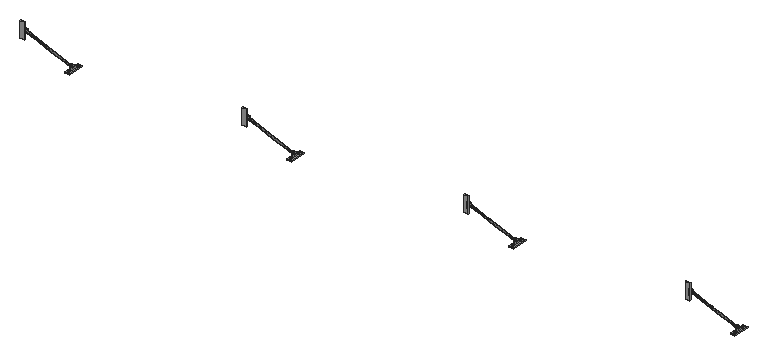
Revit family "Canopy Hanger Linear", category Generic Models, Revit 2025
Family settings
  Can host rebar = No
  Round Connector Dimension = Use Diameter
  Part Type = Normal
  Cut with Voids When Loaded = No
  Maintain Annotation Orientation = No
  Shared = No
  Room Calculation Point = No
Parameters
  built-in parameter 1001306 [instance] = 22' - 4"
  Default Space [instance] = 7' - 4"
  Default Elevation = 0' - 0"
  Count [instance] = roundup([built-in parameter 1001306] / Default Space)  # 4
Reference planes (in)
  plane 1 "Center (Front/Back)": y = 0
  plane 2: z = 0
  plane 3 "Left": x = 0
  plane 4 "Right": x = 268
  plane 5: x = 0
  plane 6: x = 88
  plane 7: x = 176
  plane 8: x = 264
Lines and regions (in)
  reference lines
    curve 1: line (0, 0, 0) -> (268, 0, 0)
Dimensions and locks (in)
  "built-in parameter 1001306": plane 3 "Left" to plane 4 "Right"
  equal spacing: group 1, group 2, group 3, group 4  (x3)
  "Default Space": plane 3 "Left" to nested 2
  equal spacing: group 5, group 6, group 7, group 8  (x3)
  "Default Space": plane 5 to plane 6
  aligned and locked: plane 4 "Right" to curve 1
  aligned and locked: plane 1 "Center (Front/Back)" to curve 1
  aligned and locked: plane 3 "Left" to curve 1
  aligned and locked: level to plane 2
Nested families (in)
  nested 1: "Canopy Hanger" at (0, 0, 0) x (-1, 0, 0) z (0, 0, 1), type "Canopy Hanger"
  nested 2: "Canopy Hanger" at (88, 0, 0) x (-1, 0, 0) z (0, 0, 1), type "Canopy Hanger"
  nested 3: "Canopy Hanger" at (176, 0, 0) x (-1, 0, 0) z (0, 0, 1), type "Canopy Hanger"
  nested 4: "Canopy Hanger" at (264, 0, 0) x (-1, 0, 0) z (0, 0, 1), type "Canopy Hanger"
Definition of nested family "Canopy Hanger"
  Parameters (values of type "Canopy Hanger")
    Material = none
    Default Elevation = 4' - 0"
  Reference planes (in)
    plane 1 "Center (Front/Back)": y = 0
    plane 2: z = 0
    plane 3 "Center (Left/Right)": x = 0
    plane 4 "face": through (-20.06626, -125.1822, -124.37036) normal (0, -0.7071, 0.7071)
    plane 5 "other": y = 25.39398
    plane 6 "connection": through (3.75167, -129.24559, -128.43376) normal (0, -0.7071, 0.7071)
    plane 7 "CENTER REF": x = 0
  Forms (in)
    Extrusion 1, solid
      sketch origin (0, 0, 0) x (1, 0, 0) y (0, 1, 0)
        loop
          line (-48, 48) -> (-48, -48) -> (48, -48) -> (48, 48) -> (-48, 48)
      from 0 to -12
  Dimensions and locks (in)
    aligned and locked: plane 2 to Extrusion 1
    aligned and locked: level to Extrusion 1
    aligned and locked: plane 1 "Center (Front/Back)" to nested 1
  Nested families (in)
    nested 1: "Base" at (0, 0, 0), type "Base"
    nested 2: "Rod" at (0, 12.33813, 13.14997) x (1, 0, 0) z (0, -0.7071, 0.7071), type "Rod"
    nested 3: "Base" at (0, 25.36641, 25.26004) x (1, 0, 0) z (0, -1, 0), type "Base"
    nested 4: "Connector" at (0, 23.34051, 23.88718) x (1, 0, 0) z (0, -0.7071, 0.7071), type "Connector"
    nested 5: "Connector" at (0, 1.38604, 1.93271) x (1, 0, 0) z (0, -0.7071, 0.7071), type "Connector"
  Definition of nested family "Base"
    Parameters (values of type "Base")
      Width = 0' - 6 7/16"
      Thickness = 0' - 0 1/2"
      Material = none
      Length = 0' - 1 7/8"
      Default Elevation = 4' - 0"
    Reference planes (in)
      plane 1 "Center (Front/Back)": y = 0
      plane 2: z = 0
      plane 3 "Center (Left/Right)": x = 0
      plane 4: x = -0.25
      plane 5: x = 0.25
      plane 6: y = -0.68819
      plane 7: z = 1.59299
      plane 8: z = 1.16984
      plane 9: z = 2.01615
    Forms (in)
      Extrusion 1, solid, material <- "Material"
        sketch origin (0, 0, 0) x (1, 0, 0) y (0, 1, 0)
          loop
            line (-0.9375, 3.21875) -> (-0.9375, -3.03125) -> (0.9375, -3.03125) -> (0.9375, 3.21875) -> (-0.9375, 3.21875)
        from 0 to 0.375
      Extrusion 2, solid, material <- "Material"
        sketch origin (0, 0, 0) x (0, 1, 0) y (0, 0, 1)
          loop
            line (-0.19875, 2.16001) -> (-0.35875, 2.26668) -> (-0.54542, 2.30668) -> (-0.89208, 2.30668) -> (-1.03875, 2.28001) -> (-1.18542, 2.21334) -> (-1.29209, 2.10667) -> (-1.37209, 1.94667) -> (-1.38542, 1.81334) -> (-1.38542, 0.37334) -> (1.68125, 0.37334) -> (-0.19875, 2.16001)
        from -0.25 to 0.25
      Extrusion 3, void
        sketch origin (0, 0, 0) x (0, 1, 0) y (0, 0, 1)
          loop
            circle (-0.68819, 1.59299) r 0.42333
        from -0.25 to 0.25
      Extrusion 4, solid, material <- "Material"
        sketch origin (0, 0, 0) x (1, 0, 0) y (0, 1, 0)
          loop
            circle (0, 2.44826) r 0.35355
          loop
            circle (0, -2.1607) r 0.35355
        from 0.375 to 0.59808
    Cuts and joins
      Extrusion 3 cuts Extrusion 2
    Dimensions and locks (in)
      "Length": Extrusion 1 sketch curve to Extrusion 1 sketch curve
      equal spacing: Extrusion 1 sketch curve, plane 3 "Center (Left/Right)", Extrusion 1 sketch curve
      equal spacing: plane 4, plane 3 "Center (Left/Right)", plane 5
      "Thickness": plane 4 to plane 5
      equal spacing: plane 9, plane 7, plane 8
      aligned and locked: plane 2 to level
      aligned and locked: plane 5 to Extrusion 2
      aligned and locked: Extrusion 2 to plane 4
    Automatic sketch dimensions
      plane 1 "Center (Front/Back)" to Extrusion 2 sketch curve = 0' - 1.38542"  (x2)
      Extrusion 2 sketch curve to Extrusion 2 sketch curve = 0' - 0.01333"
      Extrusion 2 sketch curve to Extrusion 2 sketch curve = 0' - 0.08"
      Extrusion 2 sketch curve to Extrusion 2 sketch curve = 0' - 0.10667"  (x3)
      Extrusion 2 sketch curve to Extrusion 2 sketch curve = 0' - 0.14667"  (x2)
      Extrusion 2 sketch curve to Extrusion 2 sketch curve = 0' - 0.34667"
      Extrusion 2 sketch curve to Extrusion 2 sketch curve = 0' - 0.18667"
      Extrusion 2 sketch curve to Extrusion 2 sketch curve = 0' - 0.16"  (x2)
      level to Extrusion 2 sketch curve = 0' - 1.81334"
      Extrusion 2 sketch curve to Extrusion 2 sketch curve = 0' - 0.13333"
      Extrusion 2 sketch curve to Extrusion 2 sketch curve = 0' - 0.05334"
      Extrusion 2 sketch curve to Extrusion 2 sketch curve = 0' - 0.06667"
      Extrusion 2 sketch curve to Extrusion 2 sketch curve = 0' - 0.02667"
      Extrusion 2 sketch curve to Extrusion 2 sketch curve = 0' - 0.04"
      level to Extrusion 2 sketch curve = 0' - 0.37334"
      Extrusion 2 sketch curve to plane 1 "Center (Front/Back)" = 0' - 1.68125"
      Extrusion 3 sketch curve to plane 6 = 0' - 0"
      Extrusion 3 sketch curve to plane 7 = 0' - 0"
      Extrusion 4 sketch curve to plane 3 "Center (Left/Right)" = 0' - 0"  (x2)
      plane 1 "Center (Front/Back)" to Extrusion 4 sketch curve = 0' - 2.1607"
      Extrusion 4 sketch curve to plane 1 "Center (Front/Back)" = 0' - 2.44826"
      plane 1 "Center (Front/Back)" to Extrusion 1 sketch curve = 0' - 3 1/32"
      Extrusion 1 sketch curve to plane 1 "Center (Front/Back)" = 0' - 3 7/32"
      radius of Extrusion 3 sketch curve = 0' - 0.42333"
      radius of Extrusion 4 sketch curve = 0' - 0.35355"  (x2)
  Definition of nested family "Rod"
    Parameters (values of type "Rod")
      Material = none
      Default Elevation = 4' - 0"
    Reference planes (in)
      plane 1 "Center (Front/Back)": y = 0
      plane 2: z = 0
      plane 3 "Center (Left/Right)": x = 0
    Forms (in)
      Revolve 1, solid, material <- "Material"
        sketch origin (0, 0, 0) x (0, 1, 0) y (0, 0, 1)
          loop
            line (-15.25, 0) -> (15, 0) -> (15, 0.25) -> (1.875, 0.25) -> (1.875, 0.3125) -> (-2.125, 0.3125) -> (-2.125, 0.25) -> (-15.25, 0.25) -> (-15.25, 0)
          axis (-15.25, 0) -> (15, 0)
        angle from 0 to 360
    Dimensions and locks (in)
      aligned and locked: plane 2 to level
      aligned and locked: Revolve 1 sketch curve to Revolve 1 sketch curve
  Definition of nested family "Connector"
    Parameters (values of type "Connector")
      Material = none
      Default Elevation = 4' - 0"
    Reference planes (in)
      plane 1 "Center (Front/Back)": y = 0
      plane 2: z = 0
      plane 3 "Center (Left/Right)": x = 0
      plane 4: z = 0.375
    Forms (in)
      Extrusion 1, solid, material <- "Material"
        sketch origin (0, 0, 0) x (1, 0, 0) y (0, 1, 0)
          loop
            line (-0.5, 1) -> (-0.5, -1) -> (-0.19182, -1) -> (-0.19182, -0.31494) -> (0.19182, -0.31494) -> (0.19182, -1) -> (0.5, -1) -> (0.5, 1) -> (0.19182, 1) -> (0.19182, 0.31494) -> (-0.19182, 0.31494) -> (-0.19182, 1) -> (-0.5, 1)
        from 0 to 0.375
    Dimensions and locks (in)
      equal spacing: Extrusion 1 sketch curve, plane 3 "Center (Left/Right)", Extrusion 1 sketch curve
      plane 3 "Center (Left/Right)" to Extrusion 1 sketch curve = 0' - 0 1/2"
      equal spacing: Extrusion 1 sketch curve, plane 1 "Center (Front/Back)", Extrusion 1 sketch curve
      plane 1 "Center (Front/Back)" to Extrusion 1 sketch curve = 0' - 1"
      plane 4 to plane 2 = 0' - 0 3/8"
      aligned and locked: plane 2 to level
      aligned and locked: plane 4 to Extrusion 1
